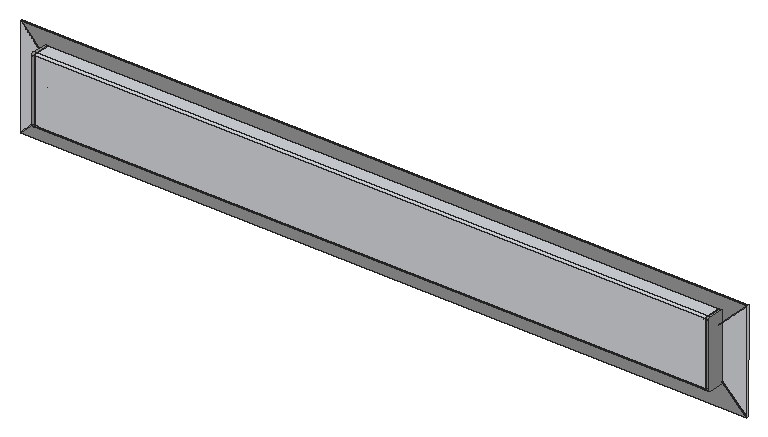
Revit family "LLED8000-WIMI", category Lighting Fixtures, Revit 2017
Family settings
  Round Connector Dimension = Use Diameter
  Part Type = Normal
  OmniClass Number = 23.80.70.00
  OmniClass Title = Lighting
  Work Plane-Based = Yes
  Always vertical = Yes
  Cut with Voids When Loaded = No
  Light Source = No
  Shared = No
  Room Calculation Point = No
Parameters (values of type "LLED8000-GLL")
  L = 24.000"
  Fixture cap = fixture cap
  Fixture = fixture
  Default Elevation = 2.60039"
  Bulb = Glass
Reference planes (in)
  plane 1 "Light Source Axis (F/B)": y = 0
  plane 2: z = -0.01
  plane 3 "Light Source Axis (L/R)": x = 0
  plane 4 "Light Source Elevation": z = 54
  plane 5: x = -12
  plane 6: x = 12
  plane 7: x = -12.1
  plane 8: z = -1.03
  plane 9: y = -0.565
  plane 10: y = 0.565
  plane 11: z = -0.25
  plane 12: x = -13
  plane 13: z = -3.58
  plane 14: z = -0.96
  plane 15: through (13.00014, 0, -0.00987) normal (-0.6887, 0, 0.725)
  plane 16: x = -13
  plane 17: x = 12
  plane 18: x = 13
  plane 19: x = 12.1
  plane 20: x = -11.9
  plane 21: x = 11.9
Forms (in)
  Revolve 1, solid, not visible
    sketch origin (-0.00118, 0, 6.68102) x (1, 0, 0) y (0, 0, 1)
      loop
        line (0, 1.27453) -> (0.22, 1.27453) -> (0.22, 1.98615) -> (0, 1.98615) -> (0, 1.27453)
      axis (0, 1.98615) -> (0, 1.27453)
    angle from 0 to 360
  Extrusion 2, solid, material "fixture cap" <- "Fixture cap", not visible
    sketch origin (-0.00118, -0.05736, 6.68102) x (1, 0, 0) y (0, 0, 1)
      loop
        line (0, 1.6939) -> (0.66, 1.6939) -> (0.66, 1.98615) -> (0, 1.98615) -> (-0.66, 1.98615) -> (-0.66, 1.6939) -> (0, 1.6939)
    from -0.23545 to 0.11965
  Extrusion 3, void, not visible
    sketch origin (-0.00118, 0, 6.68102) x (1, 0, 0) y (0, 0, 1)
      loop
        arc (-0.66, 1.6939) -> (-0.58698, 1.88163) -> (-0.41477, 1.98615) r 0.31341
        line (-0.41477, 1.98615) -> (-0.66, 1.98615) -> (-0.66, 1.6939)
      loop
        line (0.66, 1.6939) -> (0.66, 1.98615) -> (0.41477, 1.98615)
        arc (0.41477, 1.98615) -> (0.58698, 1.88163) -> (0.66, 1.6939) r 0.31341
    from -0.17809 to 0.17701
  Blend 4, solid, not visible
    base sketch origin (-0.00118, 0, 7.13918) x (1, 0, 0) y (0, 1, 0)
      loop
        circle (0, 0) r 0.57599
    top sketch origin (-0.00118, 0, 7.13918) x (1, 0, 0) y (0, 1, 0)
      loop
        circle (0, 0) r 0.42
    from -0.52219 to 0.72781
  Blend 5, solid, not visible
    base sketch origin (-0.00118, 0, 6.68102) x (1, 0, 0) y (0, 1, 0)
      loop
        circle (0, 0) r 0.42
    top sketch origin (-0.00118, 0, 6.68102) x (1, 0, 0) y (0, 1, 0)
      loop
        circle (0, 0) r 0.22
    from 1.18597 to 1.27148
  Extrusion 6, void, not visible
    sketch origin (0.0069, 0, 6.93102) x (1, 0, 0) y (0, 1, 0)
      loop
        arc (-0.54002, 0.08041) -> (-0.58407, 0) -> (-0.54002, -0.08041) r 0.09541
        line (-0.54002, -0.08041) -> (-0.19879, -0.08041)
        arc (-0.19879, -0.08041) -> (-0.00676, -0.19306) -> (0.18528, -0.08041) r 0.22
        line (0.18528, -0.08041) -> (0.54002, -0.08041)
        arc (0.54002, -0.08041) -> (0.58407, 0) -> (0.54002, 0.08041) r 0.09541
        line (0.54002, 0.08041) -> (0.18542, 0.08041)
        arc (0.18542, 0.08041) -> (-0.00739, 0.19447) -> (-0.2002, 0.08041) r 0.22
        line (-0.2002, 0.08041) -> (-0.54002, 0.08041)
    from 1.43764 to 1.77364
  Revolve 7, solid, not visible
    sketch origin (-0.00118, 0, 4.43877) x (1, 0, 0) y (0, 0, 1)
      loop
        line (0, 2.17822) -> (0, 1.78225) -> (0.66857, 1.78225) -> (0.49227, 2.17822) -> (0, 2.17822)
      axis (0, 2.17822) -> (0, 1.78225)
    angle from 0 to 360
  Revolve 8, solid, not visible
    sketch origin (-0.00118, 0, 6.68102) x (1, 0, 0) y (0, 0, -1)
      loop
        line (0, -1.27453) -> (0, -1.98615) -> (0.22, -1.98615) -> (0.22, -1.27453) -> (0, -1.27453)
      axis (0, -1.98615) -> (0, -1.27453)
    angle from 0 to 360
  Extrusion 9, solid, material "fixture cap" <- "Fixture cap", not visible
    sketch origin (-0.00118, 0.05736, 6.68102) x (1, 0, 0) y (0, 0, -1)
      loop
        line (0, -0.68597) -> (-0.66, -0.68597) -> (-0.66, -1.98615) -> (0, -1.98615) -> (0.66, -1.98615) -> (0.66, -0.68597) -> (0, -0.68597)
    from -0.23545 to 0.11965
  Extrusion 10, void, not visible
    sketch origin (-0.00118, 0, 6.68102) x (1, 0, 0) y (0, 0, -1)
      loop
        line (-0.66, -1.6939) -> (-0.66, -1.98615) -> (-0.41477, -1.98615)
        arc (-0.41477, -1.98615) -> (-0.58698, -1.88163) -> (-0.66, -1.6939) r 0.31341
      loop
        arc (0.66, -1.6939) -> (0.58698, -1.88163) -> (0.41477, -1.98615) r 0.31341
        line (0.41477, -1.98615) -> (0.66, -1.98615) -> (0.66, -1.6939)
    from -0.17809 to 0.17701
  Blend 11, solid, not visible
    base sketch origin (-0.00118, 0, 6.68102) x (1, 0, 0) y (0, 1, 0)
      loop
        circle (0, 0) r 0.42
    top sketch origin (-0.00118, 0, 6.68102) x (1, 0, 0) y (0, 1, 0)
      loop
        circle (0, 0) r 0.22
    from 1.18597 to 1.27148
  Extrusion 12, void, not visible
    sketch origin (0.0069, 0, 6.93102) x (1, 0, 0) y (0, 1, 0)
      loop
        line (-0.54002, -0.08041) -> (-0.2002, -0.08041)
        arc (-0.2002, -0.08041) -> (-0.00739, -0.19447) -> (0.18542, -0.08041) r 0.22
        line (0.18542, -0.08041) -> (0.54002, -0.08041)
        arc (0.54002, -0.08041) -> (0.58407, 0) -> (0.54002, 0.08041) r 0.09541
        line (0.54002, 0.08041) -> (0.18528, 0.08041)
        arc (0.18528, 0.08041) -> (-0.00676, 0.19306) -> (-0.19879, 0.08041) r 0.22
        line (-0.19879, 0.08041) -> (-0.54002, 0.08041)
        arc (-0.54002, 0.08041) -> (-0.58407, 0) -> (-0.54002, -0.08041) r 0.09541
    from 1.43764 to 1.77364
  Extrusion 13, void, not visible
    sketch origin (-0.00118, 0, 6.83727) x (1, 0, 0) y (0, 0, -1)
      loop
        line (-0.50265, -1.4876) -> (-0.3469, -1.4876)
        arc (-0.3469, -1.4876) -> (-0.42478, -1.34712) -> (-0.50265, -1.4876) r 0.09183
      loop
        arc (0.50265, -1.4876) -> (0.42478, -1.34712) -> (0.3469, -1.4876) r 0.09183
        line (0.3469, -1.4876) -> (0.50265, -1.4876)
    from -0.22339 to 0.22501
  Extrusion 14, solid, not visible
    sketch origin (-0.00049, 0, 6.93102) x (1, 0, 0) y (0, 1, 0)
      loop
        line (-0.03443, 0) -> (-0.03443, -0.08951)
        arc (-0.03443, -0.08951) -> (-0.02214, -0.11039) -> (0, -0.12025) r 0.03974
        arc (0, -0.12025) -> (0.02214, -0.11039) -> (0.03443, -0.08951) r 0.03974
        line (0.03443, -0.08951) -> (0.03443, 0) -> (0.03443, 0.08951)
        arc (0.03443, 0.08951) -> (0.02214, 0.11039) -> (0, 0.12025) r 0.03974
        arc (0, 0.12025) -> (-0.02214, 0.11039) -> (-0.03443, 0.08951) r 0.03974
        line (-0.03443, 0.08951) -> (-0.03443, 0)
    from 1.43764 to 1.50249
  Extrusion 15, solid, material "fixture" <- "Fixture"
    sketch origin (-12, 0, -0.25) x (0, 0, 1) y (0, -1, 0)
      loop
        line (0.24, -0.56485) -> (0.24, -0.51485) -> (-3.33, -0.51485) -> (-3.33, -0.56485) -> (-3.29, -0.56485) -> (-3.25005, -0.56695) -> (-3.21005, -0.56695) -> (-3.17011, -0.56904) -> (-3.13011, -0.56904) -> (-3.09016, -0.57113) -> (-3.05016, -0.57113) -> (-3.01022, -0.57323) -> (-2.97022, -0.57323) -> (-2.93027, -0.57532) -> (-2.89027, -0.57532) -> (-2.85033, -0.57741) -> (-2.81033, -0.57741) -> (-2.77038, -0.57951) -> (-2.73038, -0.57951) -> (-2.69044, -0.5816) -> (-2.65044, -0.5816) -> (-2.61049, -0.58369) -> (-2.57049, -0.58369) -> (-2.53055, -0.58579) -> (-2.49055, -0.58579) -> (-2.4506, -0.58788) -> (-2.41939, -0.58788) -> (-2.38, -0.592) -> (-0.71, -0.592) -> (-0.67061, -0.58788) -> (-0.6394, -0.58788) -> (-0.59945, -0.58579) -> (-0.55945, -0.58579) -> (-0.51951, -0.58369) -> (-0.47951, -0.58369) -> (-0.43956, -0.5816) -> (-0.39956, -0.5816) -> (-0.35962, -0.57951) -> (-0.31962, -0.57951) -> (-0.27967, -0.57741) -> (-0.23967, -0.57741) -> (-0.19973, -0.57532) -> (-0.15973, -0.57532) -> (-0.11978, -0.57323) -> (-0.07978, -0.57323) -> (-0.03984, -0.57113) -> (0.00016, -0.57113) -> (0.04011, -0.56904) -> (0.08011, -0.56904) -> (0.12005, -0.56695) -> (0.16005, -0.56695) -> (0.2, -0.56485) -> (0.24, -0.56485)
    from -1 to 25
  Extrusion 16, solid, material "fixture" <- "Fixture"
    sketch origin (-15.5, -0.71851, -0.51035) x (0, 0, 1) y (0, 1, 0)
      loop
        line (0.06035, 1.23337) -> (-2.31025, 1.23337) -> (-2.31025, 0.71327)
        arc (-2.31025, 0.71327) -> (-2.28684, 0.65677) -> (-2.23034, 0.63337) r 0.07991
        line (-2.23034, 0.63337) -> (-0.0149, 0.63337)
        arc (-0.0149, 0.63337) -> (0.03998, 0.65707) -> (0.06035, 0.71327) r 0.07539
        line (0.06035, 0.71327) -> (0.06035, 1.23337)
    from -3.5 to -3.4
  Extrusion 17, solid
    sketch origin (0, 0.00785, 0) x (0, 1, 0) y (0, 0, 1)
      loop
        line (0.51485, -2.8206) -> (0.51485, -0.45) -> (-0.01309, -0.45)
        arc (-0.01309, -0.45) -> (-0.0693, -0.47037) -> (-0.093, -0.52526) r 0.07539
        line (-0.093, -0.52526) -> (-0.093, -2.74065)
        arc (-0.093, -2.74065) -> (-0.06958, -2.79719) -> (-0.01305, -2.8206) r 0.07995
        line (-0.01305, -2.8206) -> (0.51485, -2.8206)
    from -12 to 12
  Extrusion 18, solid, material "Glass" <- "Bulb"
    sketch origin (-12, 0.11328, 0.22187) x (0, 0, -1) y (0, 1, 0)
      loop
        line (1.18187, 0.52187) -> (1.18187, 0.45158) -> (2.85187, 0.45158) -> (2.85187, 0.52187) -> (1.18187, 0.52187)
    from 0 to 24
  Extrusion 19, solid, material "fixture" <- "Fixture"
    sketch origin (12, -0.71851, -0.51035) x (0, 0, 1) y (0, -1, 0)
      loop
        line (0.06035, -1.23337) -> (0.06035, -0.71327)
        arc (0.06035, -0.71327) -> (0.03998, -0.65707) -> (-0.0149, -0.63337) r 0.07539
        line (-0.0149, -0.63337) -> (-2.23034, -0.63337)
        arc (-2.23034, -0.63337) -> (-2.28684, -0.65677) -> (-2.31025, -0.71327) r 0.07991
        line (-2.31025, -0.71327) -> (-2.31025, -1.23337) -> (0.06035, -1.23337)
    from 0 to 0.1
  Extrusion 20, void
    sketch origin (0, 0, 0) x (1, 0, 0) y (0, 0, 1)
      loop
        line (-12, -0.96) -> (-13, -0.01) -> (-13, -3.58) -> (-12, -2.63) -> (-12, -0.96)
    from -0.642 to -0.51485
  Extrusion 21, solid
    sketch origin (-12.9619, 3.5, -0.90296) x (0, 1, 0) y (-1, 0, 0)
      loop
        line (-2.93515, -0.00401) -> (-2.93515, 0.0381) -> (-2.98515, 0.0381) -> (-2.98515, -0.9619) -> (-2.908, -0.9619) -> (-2.91212, -0.92061) -> (-2.91212, -0.88759) -> (-2.91421, -0.84554) -> (-2.91421, -0.80343) -> (-2.91631, -0.76138) -> (-2.91631, -0.71928) -> (-2.9184, -0.67723) -> (-2.9184, -0.63513) -> (-2.92049, -0.59308) -> (-2.92049, -0.55097) -> (-2.92259, -0.50893) -> (-2.92259, -0.46682) -> (-2.92468, -0.42477) -> (-2.92468, -0.38267) -> (-2.92677, -0.34062) -> (-2.92677, -0.29852) -> (-2.92887, -0.25647) -> (-2.92887, -0.21436) -> (-2.93096, -0.17232) -> (-2.93096, -0.13021) -> (-2.93305, -0.08816) -> (-2.93305, -0.04606) -> (-2.93515, -0.00401)
    from -2.67704 to 0.89296
  Extrusion 22, void
    sketch origin (1.42042, 0, 0) x (1, 0, 0) y (0, 0, 1)
      loop
        line (-13.42042, -0.96) -> (-13.42042, -0.01) -> (-14.42042, -0.01) -> (-13.42042, -0.96)
    from -0.51485 to -0.62004
  Extrusion 23, void
    sketch origin (1.42042, 0, -3.59) x (1, 0, 0) y (0, 0, 1)
      loop
        line (-13.42042, 0.96) -> (-14.42042, 0.01) -> (-13.42042, 0.01) -> (-13.42042, 0.96)
    from -0.51485 to -0.62004
  Extrusion 24, solid
    sketch origin (12.9619, 3.5, -0.90296) x (1, 0, 0) y (0, 1, 0)
      loop
        line (-0.00401, -2.93515) -> (-0.04606, -2.93305) -> (-0.08816, -2.93305) -> (-0.13021, -2.93096) -> (-0.17232, -2.93096) -> (-0.21436, -2.92887) -> (-0.25647, -2.92887) -> (-0.29852, -2.92677) -> (-0.34062, -2.92677) -> (-0.38267, -2.92468) -> (-0.42477, -2.92468) -> (-0.46682, -2.92259) -> (-0.50893, -2.92259) -> (-0.55097, -2.92049) -> (-0.59308, -2.92049) -> (-0.63513, -2.9184) -> (-0.67723, -2.9184) -> (-0.71928, -2.91631) -> (-0.76138, -2.91631) -> (-0.80343, -2.91421) -> (-0.84554, -2.91421) -> (-0.88759, -2.91212) -> (-0.92061, -2.91212) -> (-0.9619, -2.908) -> (-0.9619, -2.98515) -> (0.0381, -2.98515) -> (0.0381, -2.93515) -> (-0.00401, -2.93515)
    from -2.67704 to 0.89296
  Extrusion 25, void
    sketch origin (0, 0, -3.59025) x (-1, 0, 0) y (0, 0, -1)
      loop
        line (-12, -0.96025) -> (-13, -0.01025) -> (-13, -3.58025) -> (-12, -2.63025) -> (-12, -0.96025)
    from -0.642 to -0.45761
  Extrusion 26, void
    sketch origin (-5.25, 0, 0) x (1, 0, 0) y (0, 0, 1)
      loop
        line (18.25, -0.01) -> (17.25, -0.01) -> (17.25, -0.96) -> (18.25, -0.01)
    from -0.72793 to -0.45761
  Extrusion 27, void
    sketch origin (-5.25, 0, -3.59) x (1, 0, 0) y (0, 0, 1)
      loop
        line (18.25, 0.01) -> (17.25, 0.96) -> (17.25, 0.01) -> (18.25, 0.01)
    from -0.72793 to -0.45761
  Extrusion 28, solid, material "fixture" <- "Fixture"
    sketch origin (16.4, -0.58766, -1.7081) x (0, 0, 1) y (0, -1, 0)
      loop
        line (0.06035, -0.8913) -> (0.06035, -0.66233)
        arc (0.06035, -0.66233) -> (0.03998, -0.60613) -> (-0.0149, -0.58243) r 0.07539
        line (-0.0149, -0.58243) -> (-0.06942, -0.58243)
        arc (-0.06942, -0.58243) -> (-0.12593, -0.60583) -> (-0.14933, -0.66233) r 0.07991
        line (-0.14933, -0.66233) -> (-0.14933, -0.8913) -> (0.06035, -0.8913)
    from -4.5 to -4.4
  Extrusion 29, solid, material "Glass" <- "Bulb"
    sketch origin (0, 0, 0) x (0, 1, 0) y (0, 0, 1)
      loop
        line (0.08248, -1.85729) -> (0.22369, -1.85729)
        arc (0.22369, -1.85729) -> (0.27989, -1.83692) -> (0.3036, -1.78204) r 0.07539
        line (0.3036, -1.78204) -> (0.3036, -1.72752)
        arc (0.3036, -1.72752) -> (0.28019, -1.67101) -> (0.22369, -1.64761) r 0.07991
        line (0.22369, -1.64761) -> (0.08248, -1.64761) -> (0.08248, -1.85729)
    from -11.9 to 11.9
  Extrusion 30, solid, material "fixture" <- "Fixture"
    sketch origin (-11.9, -0.5877, -1.7081) x (0, 0, 1) y (0, 1, 0)
      loop
        line (0.06035, 0.8913) -> (-0.14933, 0.8913) -> (-0.14933, 0.67019)
        arc (-0.14933, 0.67019) -> (-0.12593, 0.61368) -> (-0.06942, 0.59028) r 0.07991
        line (-0.06942, 0.59028) -> (-0.0149, 0.59028)
        arc (-0.0149, 0.59028) -> (0.03998, 0.61398) -> (0.06035, 0.67019) r 0.07539
        line (0.06035, 0.67019) -> (0.06035, 0.8913)
    from 0 to 0.1
Cuts and joins
  Extrusion 20, Extrusion 25 cuts Extrusion 16
  Extrusion 20, Extrusion 25 cuts Extrusion 17
  Extrusion 20, Extrusion 25 cuts Extrusion 15
  Extrusion 22, Extrusion 23, Extrusion 25 cuts Extrusion 21
  Extrusion 25 cuts Extrusion 18
  Extrusion 26, Extrusion 27 cuts Extrusion 24
Dimensions and locks (in)
  "L": plane 6 to plane 5
  equal spacing: plane 5, plane 3 "Light Source Axis (L/R)", plane 6  (x2)
  plane 5 to plane 6 = 24.000"
  locked: plane 7 to plane 5 at 0.1
  Extrusion 15 sketch curve to Extrusion 15 sketch curve = 3.570"
  Extrusion 15 to Extrusion 15 = 3.570"
  locked: Extrusion 20 sketch curve to Extrusion 20 sketch curve at 1.37931
  locked: Extrusion 22 sketch curve to Extrusion 22 sketch curve at 1
  locked: Extrusion 23 sketch curve to Extrusion 23 sketch curve at 1
  locked: Extrusion 25 sketch curve to Extrusion 25 sketch curve at 1.37931
  plane 12 to cut or joined group of Extrusion 17, Extrusion 20, Extrusion 25 = 1.000"
  locked: plane 5 to plane 12 at 1
  cut or joined group of Extrusion 18, Extrusion 25 to cut or joined group of Extrusion 16, Extrusion 20, Extrusion 25 = 0.7203"
  locked: plane 6 to plane 18 at 1
  locked: Extrusion 19 to cut or joined group of Extrusion 17, Extrusion 20, Extrusion 25 at 0.1
  locked: plane 5 to plane 20 at 0.1
  locked: plane 21 to plane 6 at 0.1
  aligned and locked: level to plane 2
  aligned and locked: Extrusion 16 to plane 7
  aligned and locked: plane 5 to Extrusion 16
  aligned and locked: cut or joined group of Extrusion 15, Extrusion 20, Extrusion 25 to Extrusion 21
  aligned and locked: level to Extrusion 21
  aligned and locked: Extrusion 20 sketch curve to plane 12
  aligned and locked: plane 5 to Extrusion 20 sketch curve
  aligned and locked: plane 5 to cut or joined group of Extrusion 21, Extrusion 22, Extrusion 23, Extrusion 25
  aligned and locked: cut or joined group of Extrusion 15, Extrusion 20, Extrusion 25 to cut or joined group of Extrusion 21, Extrusion 22, Extrusion 23, Extrusion 25
  aligned and locked: plane 5 to cut or joined group of Extrusion 15, Extrusion 20, Extrusion 25
  aligned and locked: plane 12 to cut or joined group of Extrusion 21, Extrusion 22, Extrusion 23, Extrusion 25
  aligned and locked: Extrusion 22 sketch curve to plane 5
  aligned and locked: plane 5 to Extrusion 23 sketch curve
  aligned and locked: plane 13 to cut or joined group of Extrusion 15, Extrusion 20, Extrusion 25
  aligned and locked: plane 13 to Extrusion 23 sketch curve
  aligned and locked: Extrusion 22 sketch curve to level
  aligned and locked: plane 13 to Extrusion 20 sketch curve
  aligned and locked: Extrusion 20 sketch curve to cut or joined group of Extrusion 21, Extrusion 22, Extrusion 23, Extrusion 25  (x2)
  aligned and locked: cut or joined group of Extrusion 18, Extrusion 25 to cut or joined group of Extrusion 17, Extrusion 20, Extrusion 25
  aligned and locked: cut or joined group of Extrusion 21, Extrusion 22, Extrusion 23, Extrusion 25 to cut or joined group of Extrusion 17, Extrusion 20, Extrusion 25
  aligned and locked: cut or joined group of Extrusion 21, Extrusion 22, Extrusion 23, Extrusion 25 to plane 12
  aligned and locked: plane 16 to cut or joined group of Extrusion 15, Extrusion 20, Extrusion 25
  aligned and locked: plane 12 to plane 16
  aligned and locked: cut or joined group of Extrusion 24, Extrusion 26, Extrusion 27 to cut or joined group of Extrusion 17, Extrusion 20, Extrusion 25
  aligned and locked: plane 6 to Extrusion 25
  aligned and locked: level to Extrusion 24
  aligned and locked: cut or joined group of Extrusion 15, Extrusion 20, Extrusion 25 to Extrusion 24
  aligned and locked: plane 18 to cut or joined group of Extrusion 24, Extrusion 26, Extrusion 27
  aligned and locked: cut or joined group of Extrusion 15, Extrusion 20, Extrusion 25 to plane 18
  aligned and locked: cut or joined group of Extrusion 18, Extrusion 25 to plane 6
  aligned and locked: plane 6 to cut or joined group of Extrusion 24, Extrusion 26, Extrusion 27
  aligned and locked: plane 6 to Extrusion 19
  aligned and locked: cut or joined group of Extrusion 18, Extrusion 25 to Extrusion 26 sketch curve
  aligned and locked: cut or joined group of Extrusion 24, Extrusion 26, Extrusion 27 to Extrusion 26 sketch curve
  aligned and locked: Extrusion 26 sketch curve to cut or joined group of Extrusion 15, Extrusion 20, Extrusion 25
  aligned and locked: cut or joined group of Extrusion 17, Extrusion 20, Extrusion 25 to Extrusion 28
  aligned and locked: Extrusion 30 to plane 5
  aligned and locked: Extrusion 29 to Extrusion 30
  aligned and locked: Extrusion 29 to Extrusion 28
  aligned and locked: Extrusion 28 to plane 6
  aligned and locked: Extrusion 30 to plane 20
  aligned and locked: plane 21 to Extrusion 29
Automatic sketch dimensions
  plane 13 to Extrusion 15 sketch curve = 0.000"
  plane 14 to Extrusion 15 sketch curve = 0.000"
  plane 10 to Extrusion 15 sketch curve = 0.00015"  (x2)
  Extrusion 15 sketch curve to Extrusion 15 sketch curve = 0.040"  (x21)
  Extrusion 15 sketch curve to plane 10 = 0.00195"  (x2)
  Extrusion 15 sketch curve to Extrusion 15 sketch curve = 0.03995"  (x20)
  Extrusion 15 sketch curve to plane 10 = 0.00404"  (x2)
  Extrusion 15 sketch curve to plane 10 = 0.00613"  (x2)
  Extrusion 15 sketch curve to plane 10 = 0.00823"  (x2)
  Extrusion 15 sketch curve to plane 10 = 0.01032"  (x2)
  Extrusion 15 sketch curve to plane 10 = 0.01241"  (x2)
  Extrusion 15 sketch curve to plane 10 = 0.01451"  (x2)
  Extrusion 15 sketch curve to plane 10 = 0.0166"  (x2)
  Extrusion 15 sketch curve to plane 10 = 0.01869"  (x2)
  Extrusion 15 sketch curve to plane 10 = 0.02079"  (x2)
  Extrusion 15 sketch curve to Extrusion 15 sketch curve = 0.03121"  (x2)
  Extrusion 15 sketch curve to Extrusion 15 sketch curve = 0.03939"
  Extrusion 15 sketch curve to plane 14 = 0.03939"
  Extrusion 15 sketch curve to plane 10 = 0.02288"  (x2)
  Extrusion 15 sketch curve to plane 11 = 0.03984"
  plane 11 to Extrusion 15 sketch curve = 0.00016"
  Extrusion 15 sketch curve to plane 10 = 0.027"
  Extrusion 15 sketch curve to Extrusion 15 sketch curve = 0.050"
  plane 1 "Light Source Axis (F/B)" to Extrusion 16 sketch curve = 0.00524"  (x2)
  Extrusion 16 sketch curve to plane 13 = 0.7594"
  Extrusion 16 sketch curve to plane 11 = 0.27526"
  Extrusion 16 sketch curve to Extrusion 16 sketch curve = 0.07526"
  plane 10 to Extrusion 16 sketch curve = 0.05015"
  plane 1 "Light Source Axis (F/B)" to Extrusion 17 sketch curve = 0.08515"
  plane 1 "Light Source Axis (F/B)" to Extrusion 17 sketch curve = 0.00975"
  plane 1 "Light Source Axis (F/B)" to Extrusion 17 sketch curve = 0.00524"
  plane 1 "Light Source Axis (F/B)" to Extrusion 17 sketch curve = 0.0052"
  plane 10 to Extrusion 17 sketch curve = 0.04229"
  Extrusion 17 sketch curve to plane 13 = 0.7594"
  Extrusion 17 sketch curve to plane 11 = 0.27526"
  plane 14 to Extrusion 18 sketch curve = 0.000"
  plane 10 to Extrusion 18 sketch curve = 0.00015"
  Extrusion 18 sketch curve to plane 13 = 0.950"
  Extrusion 18 sketch curve to plane 10 = 0.07015"
  plane 1 "Light Source Axis (F/B)" to Extrusion 19 sketch curve = 0.00524"  (x2)
  Extrusion 19 sketch curve to plane 13 = 0.7594"
  plane 1 "Light Source Axis (F/B)" to Extrusion 19 sketch curve = 0.08515"
  Extrusion 19 sketch curve to plane 11 = 0.27526"
  Extrusion 19 sketch curve to Extrusion 19 sketch curve = 0.07526"
  plane 10 to Extrusion 19 sketch curve = 0.05015"
  Extrusion 21 sketch curve to plane 12 = 0.000"
  Extrusion 21 sketch curve to plane 5 = 0.000"
  plane 10 to Extrusion 21 sketch curve = 0.05015"
  plane 10 to Extrusion 21 sketch curve = 0.00015"
  Extrusion 21 sketch curve to plane 10 = 0.00195"
  Extrusion 21 sketch curve to plane 10 = 0.00404"
  Extrusion 21 sketch curve to plane 10 = 0.00613"
  Extrusion 21 sketch curve to plane 10 = 0.00823"
  Extrusion 21 sketch curve to plane 10 = 0.01032"
  Extrusion 21 sketch curve to plane 10 = 0.01241"
  Extrusion 21 sketch curve to plane 10 = 0.01451"
  Extrusion 21 sketch curve to plane 10 = 0.0166"
  Extrusion 21 sketch curve to plane 10 = 0.01869"
  Extrusion 21 sketch curve to plane 10 = 0.02079"
  Extrusion 21 sketch curve to plane 10 = 0.02288"
  Extrusion 21 sketch curve to plane 10 = 0.027"
  Extrusion 21 sketch curve to plane 5 = 0.0413"
  plane 7 to Extrusion 21 sketch curve = 0.02568"
  Extrusion 21 sketch curve to plane 7 = 0.01637"
  Extrusion 21 sketch curve to Extrusion 21 sketch curve = 0.04211"  (x10)
  Extrusion 21 sketch curve to Extrusion 21 sketch curve = 0.04205"  (x10)
  Extrusion 22 sketch curve to plane 14 = 0.000"
  plane 13 to Extrusion 23 sketch curve = 0.950"
  Extrusion 24 sketch curve to plane 6 = 0.000"
  Extrusion 24 sketch curve to plane 18 = 0.000"
  Extrusion 24 sketch curve to plane 6 = 0.0413"
  Extrusion 24 sketch curve to plane 10 = 0.02288"
  Extrusion 24 sketch curve to Extrusion 24 sketch curve = 0.03302"
  Extrusion 24 sketch curve to plane 10 = 0.02079"
  Extrusion 24 sketch curve to Extrusion 24 sketch curve = 0.04205"  (x11)
  Extrusion 24 sketch curve to Extrusion 24 sketch curve = 0.04211"  (x10)
  Extrusion 24 sketch curve to plane 10 = 0.01869"
  Extrusion 24 sketch curve to plane 10 = 0.0166"
  Extrusion 24 sketch curve to plane 10 = 0.01451"
  Extrusion 24 sketch curve to plane 10 = 0.01241"
  Extrusion 24 sketch curve to plane 10 = 0.01032"
  Extrusion 24 sketch curve to plane 10 = 0.00823"
  Extrusion 24 sketch curve to plane 10 = 0.00613"
  Extrusion 24 sketch curve to plane 10 = 0.00404"
  Extrusion 24 sketch curve to plane 10 = 0.00195"
  plane 10 to Extrusion 24 sketch curve = 0.00015"
  plane 10 to Extrusion 24 sketch curve = 0.05015"
  Extrusion 24 sketch curve to plane 10 = 0.027"
  Extrusion 25 sketch curve to plane 13 = 0.000"
  plane 18 to Extrusion 25 sketch curve = 0.000"
  plane 6 to Extrusion 25 sketch curve = 0.000"
  Extrusion 25 sketch curve to level = 0.000"
  Extrusion 25 sketch curve to plane 14 = 0.000"
  Extrusion 26 sketch curve to plane 14 = 0.000"
  plane 6 to Extrusion 27 sketch curve = 0.000"
  Extrusion 27 sketch curve to plane 13 = 0.000"
  plane 18 to Extrusion 27 sketch curve = 0.000"
  Extrusion 27 sketch curve to plane 13 = 0.950"
  Extrusion 28 sketch curve to plane 1 "Light Source Axis (F/B)" = 0.07467"  (x2)
  plane 8 to Extrusion 28 sketch curve = 0.82743"
  plane 1 "Light Source Axis (F/B)" to Extrusion 28 sketch curve = 0.00524"
  Extrusion 28 sketch curve to Extrusion 28 sketch curve = 0.05452"
  Extrusion 28 sketch curve to Extrusion 28 sketch curve = 0.07526"
  Extrusion 28 sketch curve to Extrusion 28 sketch curve = 0.22897"
  Extrusion 30 sketch curve to plane 1 "Light Source Axis (F/B)" = 0.08248"
  plane 8 to Extrusion 30 sketch curve = 0.82743"
  Extrusion 30 sketch curve to plane 1 "Light Source Axis (F/B)" = 0.00257"
  Extrusion 30 sketch curve to Extrusion 30 sketch curve = 0.05452"
  Extrusion 30 sketch curve to Extrusion 30 sketch curve = 0.07526"
  Extrusion 30 sketch curve to Extrusion 30 sketch curve = 0.00451"
  Extrusion 30 sketch curve to Extrusion 30 sketch curve = 0.22112"
  Extrusion 29 sketch curve to plane 1 "Light Source Axis (F/B)" = 0.22369"
  Extrusion 29 sketch curve to Extrusion 29 sketch curve = 0.000"
  Extrusion 29 sketch curve to Extrusion 29 sketch curve = 0.00451"
  Extrusion 29 sketch curve to Extrusion 29 sketch curve = 0.07539"
  plane 8 to Extrusion 29 sketch curve = 0.82729"
  Extrusion 29 sketch curve to Extrusion 29 sketch curve = 0.05452"
  Extrusion 29 sketch curve to plane 1 "Light Source Axis (F/B)" = 0.08248"
  plane 1 "Light Source Axis (F/B)" to Extrusion 16 sketch curve = 0.08515"
